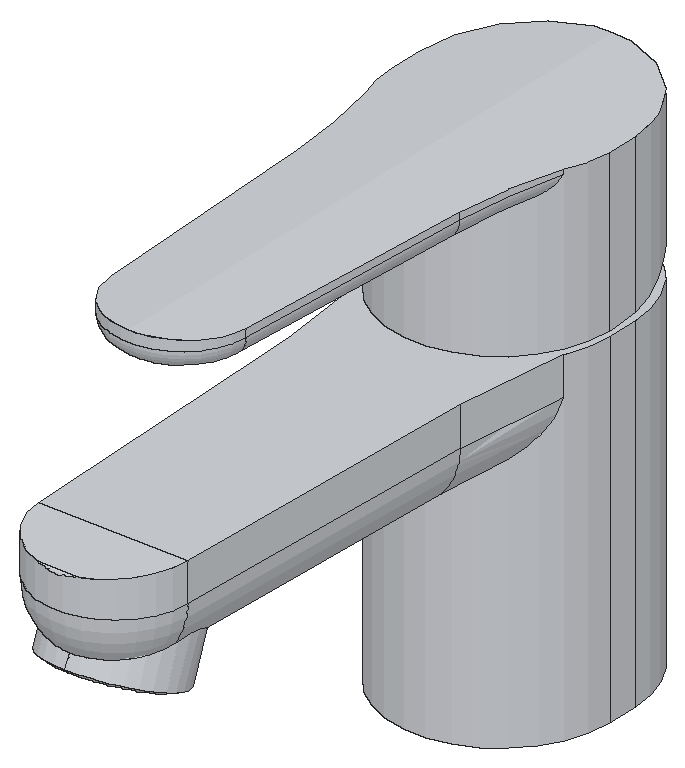
Revit family "Faucet-Lavatory-KOHLER-July-K-16027W", category Plumbing Fixtures, host Face, Revit 2017
Family settings
  Host = Face
  Round Connector Dimension = Use Diameter
  Part Type = Normal
  OmniClass Number = 23.31.11.00
  OmniClass Title = Faucets
  Cut with Voids When Loaded = No
  Shared = No
  Room Calculation Point = No
Parameters (values of type "CP-Polished Chrome")
  Width = 1 7/8"  # constant formula
  WaterSense Certified = 1 = 0  # no
  Waste Water Outlet = "Waste Water Outlet"  # constant formula
  Waste Connection = 1 = 0  # no
  Vent Connection = 1 = 0  # no
  URL = "https://www.kohler.co.uk/"
  Type = 1
  Spout Reach = 4 11/32"  # constant formula
  Product Page URL = "https://www.kohler.co.uk/taps/deck-mount/july-single-lever-monobloc-basin-mixer-includes-pop-up-waste/"
  Product Name = "July"  # constant formula
  Product Documentation Link = "https://resources.kohler.com/plumbing/kohleruk/pdf/1382253-W4-A%20July%20Single-Lever%20Monobloc%20Basin%20Mixer%20Datasheet.pdf"
  Pressure = 0.00 psi
  Model = if(Type = 1, "16027W-4-CP", if(Type = 2, "16027W-4ND-CP", "NA"))  # "16027W-4-CP"
  Material = "Premium Metal Construction"  # constant formula
  Master Format 2014 Name = "Residential Faucets, Supplies, and Trim"  # constant formula
  Master Format 2014 = "22 41 39"  # constant formula
  Manufacturer Address = "Cromwell Road, Cheltenham, Gloucestershire. GL52 5EP Registered in England No. 252115"  # constant formula
  Manufacturer = "KOHLER Co."  # constant formula
  Length = Spout Reach  # 4 11/32"
  Hot Water Inlet = "Hot Water Inlet"  # constant formula
  Height = 4.48819"  # constant formula
  Handle Clearance = 4 11/64"  # constant formula
  HW Connection = 1 = 1  # yes
  Flow Rate = 0 GPM
  Finish = Kohler-Metal-CP-Polished_Chrome
  Environmental Product Declaration = ""
  Drain Included = if(Type = 1, 1 = 1, 1 = 0)  # yes
  Description = if(Type = 1, "Single-lever monobloc basin mixer, includes pop-up waste", "Single-lever monobloc basin mixer, no pop-up waste")  # "Single-lever monobloc basin mixer, includes pop-up waste"
  Default Elevation = 36"
  Declare Label = ""
  Date Modified = "08/24/2020"  # constant formula
  Date Created = "08/24/2020"  # constant formula
  Copyright = "Copyright KOHLER Co."  # constant formula
  Contact Us = "https://www.kohler.co.uk/support/contact/"
  Cold Water Inlet = "Cold Water Inlet"  # constant formula
  CW Connection = 1 = 1  # yes
  Assembly Code = "D2010"
  ADA Compliant = 1 = 0  # no
Types (3): name | Type | Product Page URL | Pressure | Model | Drain Included | Description
  (no name) | 1 | "https://www.kohler.co.uk/taps/deck-mount/july-single-lever-monobloc-basin-mixer-includes-pop-up-waste/" | 0.00 psi | "16027W-4-CP" | yes | "Single-lever monobloc basin mixer, includes pop-up waste"
  CP-Polished Chrome | 1 | "https://www.kohler.co.uk/taps/deck-mount/july-single-lever-monobloc-basin-mixer-includes-pop-up-waste/" | 0.00 psi | "16027W-4-CP" | yes | "Single-lever monobloc basin mixer, includes pop-up waste"
  Without Drain, CP-Polished Chrome | 2 | "https://www.kohler.co.uk/taps/deck-mount/july-single-lever-monobloc-basin-mixer-no-pop-up-waste/" | 7.252 psi | "16027W-4ND-CP" | no | "Single-lever monobloc basin mixer, no pop-up waste"
Reference planes
  plane 1 "Center (Front/Back)": y = 0
  plane 2: z = 0
  plane 3 "Center (Left/Right)": x = 0
  plane 4: y = 27.384
  plane 5: y = -27.384
  plane 6: y = -110.331
  plane 7: x = 23.813
  plane 8: x = -23.812
  plane 9: z = 114
  plane 10: z = 50
  plane 11: x = 39.729
  plane 12: y = -105.966
  plane 13: y = -125.787
  plane 14: x = -12.299
  plane 15: x = 12.299
Dimensions and locks
  "Width": plane 8 to plane 7
  plane 10 to level = 1.9685"
  "Height": plane 9 to level
  "Spout Reach": plane 1 "Center (Front/Back)" to plane 6
  "Handle Clearance": plane 1 "Center (Front/Back)" to plane 12
  aligned and locked: plane 2 to host face
  aligned and locked: level to host face
Automatic sketch dimensions
  host sketch curve to host sketch curve = 96"  (x2)
Nested families
  nested 1: "16027W" at (0, 0, -25), type "16027W"
Connectors
  piping at (-12.299, 0, 0), diameter 10.021, driven by "Flow Rate", driven by "Pressure", driven by "HW Connection", driven by "Hot Water Inlet"
    settings: on nested 1, index 1, connector inside diameter 24", connector length 0", flow factor 0, pipe flow 0 GPM, pressure drop 0.00 psi, fitting loss kfactor 0, connector angle 0.00°, fixture units 0, engagement length 0", angle of deflection 0.00°, flow configuration 0, flow direction 1, fitting loss method 0, system type 19, joint type 0, gender type 0, connector reference index -1, connector utility 1, adjustable connector no, is connector primary yes, connector description "Hot Water Inlet"
  piping at (12.299, 0, 0), diameter 10.021, driven by "Flow Rate", driven by "Pressure", driven by "CW Connection", driven by "Cold Water Inlet"
    settings: on nested 1, index 2, connector inside diameter 24", connector length 0", flow factor 0, pipe flow 0 GPM, pressure drop 0.00 psi, fitting loss kfactor 0, connector angle 0.00°, fixture units 0, engagement length 0", angle of deflection 0.00°, flow configuration 0, flow direction 1, fitting loss method 0, system type 20, joint type 0, gender type 0, connector reference index -1, connector utility 1, adjustable connector no, is connector primary no, connector description "Cold Water Inlet"
Definition of nested family "16027W"
  Parameters (values of type "16027W")
    Material = none
  Reference planes
    plane 1 "Center (Front/Back)": y = 0
    plane 2: z = 0
    plane 3 "Center (Left/Right)": x = 0
    plane 4: y = -110.331
    plane 5: z = 138.906
    plane 6: x = 23.813
    plane 7: x = -23.812
    plane 8: z = 73.819
    plane 9: y = 27.384
    plane 10: y = -27.384
    plane 11: x = -12.299
    plane 12: z = 25
  Forms (mm)
    Revolve 1, solid, material <- "Material", detail levels medium+fine
      sketch origin (0, 0, 23.222) x (0, -1, 0) y (0, 0, 1)
        loop
          line (-24.939, 77.285) -> (-4.621, 77.285) -> (-4.621, 90.161) -> (-21.389, 90.161) -> (-22.393, 88.151)
          arc (-22.393, 88.151) -> (-24.028, 83.868) -> (-24.795, 79.349) r 23.355
          line (-24.795, 79.349) -> (-24.939, 77.285)
        axis (-4.621, 90.161) -> (-4.621, 77.285)
      angle from 0 to 360
    Extrusion 2, void
      sketch origin (0, -0.397, 23.123) x (0, -1, 0) y (0, 0, 1)
        loop
          line (-29.496, 90.459) -> (-29.496, 77.886) -> (28.588, 77.886) -> (28.588, 78.938) -> (2.454, 78.938)
          arc (2.454, 78.938) -> (-4.618, 79.713) -> (-11.356, 82) r 32.677
          line (-11.356, 82) -> (-29.496, 90.459)
        loop
          arc (109.603, 77.886) -> (117.194, 77.705) -> (124.767, 77.162) r 159.131
          arc (124.767, 77.162) -> (125.211, 76.94) -> (125.39, 76.477) r 0.688
          line (125.39, 76.477) -> (125.39, 73.176) -> (130.39, 73.176) -> (130.39, 83.176) -> (104.292, 83.176) -> (104.292, 77.886) -> (109.603, 77.886)
      from -33.139 to 33.857
    Extrusion 3, solid, material <- "Material", detail levels medium+fine
      sketch origin (0, 0, 0) x (0, -1, 0) y (1, 0, 0)
        loop
          line (3.521, 23.812) -> (-3.521, 23.812)
          arc (-3.521, 23.812) -> (-27.333, 0) -> (-3.521, -23.812) r 23.812
          line (-3.521, -23.812) -> (3.521, -23.812)
          arc (3.521, -23.812) -> (27.333, 0) -> (3.521, 23.812) r 23.812
      from 25 to 147.259
    Extrusion 4, solid, material <- "Material", detail levels medium+fine
      sketch origin (0, 0.794, 23.222) x (0, -1, 0) y (1, 0, 0)
        loop
          arc (37.997, 17.721) -> (23.802, 19.408) -> (9.941, 22.898) r 111.483
          arc (9.941, 22.898) -> (26.636, 0) -> (9.941, -22.898) r 24.05
          arc (9.941, -22.898) -> (23.802, -19.408) -> (37.997, -17.721) r 111.483
          line (37.997, -17.721) -> (92.775, -14.752)
          arc (92.775, -14.752) -> (106.749, 0) -> (92.775, 14.752) r 14.774
          line (92.775, 14.752) -> (37.997, 17.721)
      from 108.702 to 124.036
    Sweep 5, void
      path origin (0, 0.794, 23.222) x (0, -1, 0) y (1, 0, 0)
        loop
          arc (14.418, -21.563) -> (26.104, -19.009) -> (37.997, -17.721) r 111.483
          line (37.997, -17.721) -> (92.775, -14.752)
          arc (92.775, -14.752) -> (106.749, 0) -> (92.775, 14.752) r 14.774
          line (92.775, 14.752) -> (37.997, 17.721)
          arc (37.997, 17.721) -> (26.104, 19.009) -> (14.418, 21.563) r 111.483
      profile origin (0, -105.955, 23.222) x (0, 1, 0) y (0, 0, 1)
        loop
          arc (4.484, 108.702) -> (1.313, 110.015) -> (0, 113.186) r 4.484
          line (0, 113.186) -> (0, 114.113) -> (-1.686, 114.113) -> (-1.686, 106.545) -> (6.287, 106.545) -> (6.287, 108.702) -> (4.484, 108.702)
    Sweep 6, solid, material <- "Material", detail levels medium+fine
      path origin (0, 0, 0) x (0, -1, 0) y (1, 0, 0)
        loop
          arc (8.812, 22.547) -> (23.465, 20.002) -> (38.289, 18.809) r 162.178
          line (38.289, 18.809) -> (110, 16.339)
          arc (110, 16.339) -> (125.786, 0) -> (110, -16.339) r 16.349
          line (110, -16.339) -> (38.289, -18.809)
          arc (38.289, -18.809) -> (23.465, -20.002) -> (8.812, -22.547) r 162.178
      profile origin (0, -125.786, 0) x (0, -1, 0) y (0, 0, 1)
        loop
          arc (-15, 77.494) -> (-4.393, 81.888) -> (0, 92.494) r 15
          line (0, 92.494) -> (0, 101.009) -> (-15.89, 101.009) -> (-15.89, 77.494) -> (-15, 77.494)
    Revolve 7, solid, material <- "Material", detail levels medium+fine
      sketch origin (0, 0, 0) x (0, -1, 0) y (0, 0, 1)
        loop
          line (97.073, 69.052) -> (97.858, 69.369)
          arc (97.858, 69.369) -> (98.151, 69.07) -> (98.569, 69.067) r 0.547
          line (98.569, 69.067) -> (100.171, 69.714) -> (99.604, 71.119) -> (109.764, 75.224) -> (105.838, 84.94) -> (92.784, 79.666) -> (97.073, 69.052)
        axis (105.838, 84.94) -> (110.331, 73.819)
      angle from 0 to 360
    Extrusion 8, solid, material <- "Material", detail levels coarse
      sketch origin (0, 0, 0) x (0, -1, 0) y (1, 0, 0)
        loop
          arc (-3.521, 23.812) -> (-27.333, 0) -> (-3.521, -23.812) r 23.812
          line (-3.521, -23.812) -> (3.521, -23.812)
          arc (3.521, -23.812) -> (27.333, 0) -> (3.521, 23.812) r 23.812
          line (3.521, 23.812) -> (-3.521, 23.812)
      from 25 to 138.906
    Extrusion 9, solid, material <- "Material", detail levels coarse
      sketch origin (0, 0, 0) x (0, -1, 0) y (1, 0, 0)
        loop
          line (93.526, 14.752) -> (9.926, 19.284) -> (9.926, -19.284) -> (93.526, -14.752)
          arc (93.526, -14.752) -> (107.5, 0) -> (93.526, 14.752) r 14.774
      from 131.924 to 138.906
    Extrusion 10, solid, material <- "Material", detail levels coarse
      sketch origin (0, 0, 0) x (0, -1, 0) y (1, 0, 0)
        loop
          line (101.314, 16.339) -> (8.487, 19.536) -> (8.487, -19.536) -> (101.314, -16.339)
          arc (101.314, -16.339) -> (117.101, 0) -> (101.314, 16.339) r 16.349
      from 77.494 to 101.009
    Extrusion 11, solid, material <- "Material", detail levels medium+fine
      sketch origin (0, 0, 0) x (0, -1, 0) y (1, 0, 0)
        loop
          arc (37.742, 2.928) -> (21.466, 4.238) -> (5.377, 7.033) r 178.068
          line (5.377, 7.033) -> (5.377, -7.033)
          arc (5.377, -7.033) -> (21.466, -4.238) -> (37.742, -2.928) r 178.068
          line (37.742, -2.928) -> (109.453, -0.459)
          arc (109.453, -0.459) -> (109.896, 0) -> (109.453, 0.459) r 0.459
          line (109.453, 0.459) -> (37.742, 2.928)
      from 77.494 to 101.009
    Extrusion 12, void
      sketch origin (0, 0, 0) x (1, 0, 0) y (0, 0, 1)
        loop
          line (32.225, 157.927) -> (-32.225, 157.927) -> (-32.225, 135.739)
          arc (-32.225, 135.739) -> (0, 138.906) -> (32.225, 135.739) r 165.503
          line (32.225, 135.739) -> (32.225, 157.927)
      from -36.886 to 109.17
    Extrusion 13, solid, material <- "Material", detail levels medium+fine
      sketch origin (0, 0, 0) x (1, 0, 0) y (0, 1, 0)
        loop
          circle (-12.299, 0) r 6.35
        loop
          circle (12.299, 0) r 6.35
      from 25 to 27.957
    Extrusion 14, solid, material <- "Material", detail levels medium+fine
      sketch origin (0, 0, 0) x (1, 0, 0) y (0, 1, 0)
        loop
          circle (-12.299, 0) r 6.35
        loop
          circle (12.299, 0) r 6.35
      from 27.957 to 25
  Cuts and joins
    Extrusion 12 cuts Extrusion 8
    Extrusion 12 cuts Extrusion 9
    joined: Extrusion 8, Extrusion 9, Extrusion 10
    Extrusion 2, Extrusion 12 cuts Extrusion 3
    Sweep 5, Extrusion 12 cuts Extrusion 4
    Extrusion 2 cuts Sweep 6
    joined: Revolve 1, Extrusion 3, Extrusion 4, Sweep 6, Revolve 7, Extrusion 11
  Lines and regions (mm)
    Masking region 1
      outline origin (0, 0, 0) x (1, 0, 0) y (0, 0, 1)
        loop
          line (-23.812, 25) -> (23.813, 25) -> (23.813, 40.554) -> (23.813, 99.009)
          arc (23.813, 99.009) -> (23.227, 100.424) -> (21.813, 101.009) r 2
          line (21.813, 101.009) -> (19.465, 101.009) -> (19.465, 102.687) -> (21.813, 102.687)
          arc (21.813, 102.687) -> (23.227, 103.272) -> (23.813, 104.687) r 2
          line (23.813, 104.687) -> (23.813, 135.881)
          arc (23.813, 135.881) -> (23.443, 136.867) -> (22.517, 137.367) r 1.5
          arc (22.517, 137.367) -> (21.349, 137.524) -> (20.18, 137.671) r 165.503
          arc (20.18, 137.671) -> (19.784, 138.109) -> (19.218, 138.271) r 1.071
          line (19.218, 138.271) -> (16.709, 138.271)
          arc (16.709, 138.271) -> (16.312, 138.238) -> (15.927, 138.138) r 2.366
          arc (15.927, 138.138) -> (7.973, 138.714) -> (0, 138.906) r 165.503
          arc (0, 138.906) -> (-7.973, 138.714) -> (-15.927, 138.138) r 165.503
          arc (-15.927, 138.138) -> (-16.312, 138.238) -> (-16.709, 138.271) r 2.366
          line (-16.709, 138.271) -> (-19.218, 138.271)
          arc (-19.218, 138.271) -> (-19.784, 138.109) -> (-20.18, 137.671) r 1.071
          arc (-20.18, 137.671) -> (-21.349, 137.524) -> (-22.517, 137.367) r 165.503
          arc (-22.517, 137.367) -> (-23.443, 136.867) -> (-23.812, 135.881) r 1.5
          line (-23.812, 135.881) -> (-23.812, 104.711)
          arc (-23.812, 104.711) -> (-23.22, 103.279) -> (-21.789, 102.687) r 2.024
          line (-21.789, 102.687) -> (-19.465, 102.687) -> (-19.465, 101.009) -> (-21.812, 101.009)
          arc (-21.812, 101.009) -> (-23.227, 100.424) -> (-23.812, 99.009) r 2
          line (-23.812, 99.009) -> (-23.812, 25)
    Masking region 2
      outline origin (0, 0, 0) x (0, 1, 0) y (0, 0, 1)
        loop
          line (27.384, 25) -> (27.384, 99.503)
          arc (27.384, 99.503) -> (26.943, 100.568) -> (25.878, 101.009) r 1.506
          line (25.878, 101.009) -> (24.902, 101.009)
          arc (24.902, 101.009) -> (24.227, 106.188) -> (22.38, 111.074) r 22.589
          line (22.38, 111.074) -> (26.465, 112.979)
          arc (26.465, 112.979) -> (27.135, 113.566) -> (27.384, 114.422) r 1.592
          line (27.384, 114.422) -> (27.384, 137.37)
          arc (27.384, 137.37) -> (27.214, 137.828) -> (26.785, 138.063) r 0.7
          arc (26.785, 138.063) -> (20.933, 138.695) -> (15.051, 138.906) r 82.018
          line (15.051, 138.906) -> (-95, 138.906)
          arc (-95, 138.906) -> (-100.193, 138.704) -> (-105.355, 138.1) r 66.875
          arc (-105.355, 138.1) -> (-105.785, 137.86) -> (-105.955, 137.398) r 0.71
          line (-105.955, 137.398) -> (-105.955, 136.339)
          arc (-105.955, 136.339) -> (-105.34, 134.247) -> (-103.69, 132.821) r 3.864
          arc (-103.69, 132.821) -> (-97.393, 131.167) -> (-90.905, 131.703) r 19.276
          arc (-90.905, 131.703) -> (-90.039, 131.869) -> (-89.16, 131.924) r 6.99
          line (-89.16, 131.924) -> (-41.384, 131.924)
          arc (-41.384, 131.924) -> (-31.485, 127.824) -> (-27.384, 117.924) r 14
          line (-27.384, 117.924) -> (-27.384, 104.187)
          arc (-27.384, 104.187) -> (-26.945, 103.126) -> (-25.884, 102.687) r 1.5
          line (-25.884, 102.687) -> (-20.187, 102.687) -> (-20.187, 101.009) -> (-110, 101.009)
          arc (-110, 101.009) -> (-117.591, 100.828) -> (-125.164, 100.285) r 159.131
          arc (-125.164, 100.285) -> (-125.608, 100.063) -> (-125.786, 99.6) r 0.688
          line (-125.786, 99.6) -> (-125.786, 92.494)
          arc (-125.786, 92.494) -> (-124.985, 87.656) -> (-122.665, 83.334) r 15
          line (-122.665, 83.334) -> (-123.118, 82.212) -> (-122.391, 81.918) -> (-123.307, 79.651) -> (-122.395, 79.283)
          arc (-122.395, 79.283) -> (-122.392, 78.864) -> (-122.093, 78.571) r 0.547
          line (-122.093, 78.571) -> (-98.569, 69.067)
          arc (-98.569, 69.067) -> (-98.151, 69.07) -> (-97.858, 69.369) r 0.547
          line (-97.858, 69.369) -> (-96.946, 69) -> (-96.03, 71.267) -> (-95.303, 70.973) -> (-92.668, 77.494) -> (-41.384, 77.494)
          arc (-41.384, 77.494) -> (-31.485, 73.394) -> (-27.384, 63.494) r 14
          line (-27.384, 63.494) -> (-27.384, 25) -> (27.384, 25)
    Masking region 3
      outline origin (0, 0, 0) x (1, 0, 0) y (0, 1, 0)
        loop
          line (-23.812, 3.521) -> (-23.812, -3.521)
          arc (-23.812, -3.521) -> (-23.577, -6.86) -> (-22.876, -10.133) r 23.812
          arc (-22.876, -10.133) -> (-20.884, -18.364) -> (-19.62, -26.737) r 96.512
          arc (-19.62, -26.737) -> (-19.112, -32.506) -> (-18.809, -38.289) r 162.178
          line (-18.809, -38.289) -> (-16.339, -110)
          arc (-16.339, -110) -> (0, -125.787) -> (16.339, -110) r 16.349
          line (16.339, -110) -> (18.809, -38.289)
          arc (18.809, -38.289) -> (19.112, -32.506) -> (19.62, -26.737) r 162.178
          arc (19.62, -26.737) -> (20.884, -18.364) -> (22.876, -10.133) r 96.512
          arc (22.876, -10.133) -> (23.577, -6.86) -> (23.813, -3.521) r 23.812
          line (23.813, -3.521) -> (23.813, 3.521)
          arc (23.813, 3.521) -> (23.105, 9.29) -> (21.023, 14.716) r 23.864
          arc (21.023, 14.716) -> (12.265, 23.96) -> (0, 27.384) r 23.864
          arc (0, 27.384) -> (-16.841, 20.377) -> (-23.812, 3.521) r 23.864
    symbolic lines, detail levels medium+fine
      curve 1: spline (0, 0, 69.714) -> (-2.836, 0, 69.854) -> (-5.479, 0, 70.264) -> (-7.748, 0, 70.916) -> (-9.49, 0, 71.766) -> (-10.584, 0, 72.756) -> (-10.958, 0, 73.819) -> (-10.584, 0, 74.881) -> (-9.49, 0, 75.871) -> (-7.748, 0, 76.721) -> (-5.479, 0, 77.374) -> (-2.836, 0, 77.784) -> (0, 0, 77.924)
      curve 2: spline (0, 0, 68.707) -> (-3.882, 0, 68.898) -> (-7.5, 0, 69.459) -> (-10.607, 0, 70.352) -> (-12.99, 0, 71.516) -> (-14.489, 0, 72.871) -> (-15, 0, 74.326) -> (-14.489, 0, 75.78) -> (-12.99, 0, 77.135) -> (-10.607, 0, 78.299) -> (-7.5, 0, 79.192) -> (-3.882, 0, 79.753) -> (0, 0, 79.945)
      curve 3: spline (0, 0, 69.369) -> (-3.425, 0, 69.538) -> (-6.616, 0, 70.033) -> (-9.357, 0, 70.821) -> (-11.46, 0, 71.847) -> (-12.782, 0, 73.043) -> (-13.232, 0, 74.326) -> (-12.782, 0, 75.609) -> (-11.46, 0, 76.804) -> (-9.357, 0, 77.831) -> (-6.616, 0, 78.619) -> (-3.425, 0, 79.114) -> (0, 0, 79.283)
      curve 4: spline (0, 0, 71.119) -> (-1.274, 0, 71.147) -> (-2.532, 0, 71.23) -> (-3.754, 0, 71.368) -> (-4.926, 0, 71.557) -> (-6.031, 0, 71.797) -> (-7.054, 0, 72.083) -> (-7.981, 0, 72.411) -> (-8.8, 0, 72.778) -> (-9.5, 0, 73.178) -> (-10.071, 0, 73.606) -> (-10.505, 0, 74.056) -> (-10.796, 0, 74.521)
      curve 5: spline (0, 0, 69.714) -> (2.836, 0, 69.854) -> (5.479, 0, 70.264) -> (7.748, 0, 70.916) -> (9.49, 0, 71.766) -> (10.584, 0, 72.756) -> (10.958, 0, 73.819) -> (10.584, 0, 74.881) -> (9.49, 0, 75.871) -> (7.748, 0, 76.721) -> (5.479, 0, 77.374) -> (2.836, 0, 77.784) -> (0, 0, 77.924)
      curve 6: spline (0, 0, 68.707) -> (3.882, 0, 68.898) -> (7.5, 0, 69.459) -> (10.607, 0, 70.352) -> (12.99, 0, 71.516) -> (14.489, 0, 72.871) -> (15, 0, 74.326) -> (14.489, 0, 75.78) -> (12.99, 0, 77.135) -> (10.607, 0, 78.299) -> (7.5, 0, 79.192) -> (3.882, 0, 79.753) -> (0, 0, 79.945)
      curve 7: spline (0, 0, 69.369) -> (3.425, 0, 69.538) -> (6.616, 0, 70.033) -> (9.357, 0, 70.821) -> (11.46, 0, 71.847) -> (12.782, 0, 73.043) -> (13.232, 0, 74.326) -> (12.782, 0, 75.609) -> (11.46, 0, 76.804) -> (9.357, 0, 77.831) -> (6.616, 0, 78.619) -> (3.425, 0, 79.114) -> (0, 0, 79.283)
      curve 8: spline (0, 0, 71.119) -> (1.274, 0, 71.147) -> (2.532, 0, 71.23) -> (3.754, 0, 71.368) -> (4.926, 0, 71.557) -> (6.031, 0, 71.797) -> (7.054, 0, 72.083) -> (7.981, 0, 72.411) -> (8.8, 0, 72.778) -> (9.5, 0, 73.178) -> (10.071, 0, 73.606) -> (10.505, 0, 74.056) -> (10.796, 0, 74.521)
      curve 9: arc (-15, 0, 80.775) -> (-17.768, 0, 84.753) -> (-18.743, 0, 89.501) r 12.042
      curve 10: line (-18.743, 0, 89.501) -> (-18.743, 0, 101.009)
      curve 11: line (-19.465, 0, 101.009) -> (19.465, 0, 101.009)
      curve 12: line (-15, 0, 74.326) -> (-15, 0, 81.452)
      curve 13: spline (-15, 0, 81.452) -> (-14.872, 0, 82.185) -> (-14.489, 0, 82.906) -> (-13.858, 0, 83.602) -> (-12.99, 0, 84.261) -> (-11.9, 0, 84.872) -> (-10.607, 0, 85.425) -> (-9.131, 0, 85.91) -> (-7.5, 0, 86.318) -> (-5.74, 0, 86.643) -> (-3.882, 0, 86.879) -> (-1.958, 0, 87.023) -> (0, 0, 87.071)
      curve 14: arc (15, 0, 80.775) -> (17.768, 0, 84.753) -> (18.743, 0, 89.501) r 12.042
      curve 15: line (18.743, 0, 89.501) -> (18.743, 0, 101.009)
      curve 16: line (15, 0, 74.326) -> (15, 0, 81.452)
      curve 17: spline (15, 0, 81.452) -> (14.872, 0, 82.185) -> (14.489, 0, 82.906) -> (13.858, 0, 83.602) -> (12.99, 0, 84.261) -> (11.9, 0, 84.872) -> (10.607, 0, 85.425) -> (9.131, 0, 85.91) -> (7.5, 0, 86.318) -> (5.74, 0, 86.643) -> (3.882, 0, 86.879) -> (1.958, 0, 87.023) -> (0, 0, 87.071)
      curve 18: line (19.465, 0, 102.687) -> (-19.465, 0, 102.687)
      curve 19: line (-8.223, 0, 83.279) -> (-8.223, 0, 79.025)
      curve 20: line (8.223, 0, 83.279) -> (8.223, 0, 79.025)
      curve 21: arc (-8.223, 0, 83.279) -> (0, 0, 84.429) -> (8.223, 0, 83.279) r 29.968
      curve 22: line (0, 22.38, 111.074) -> (0, 10.959, 105.748)
      curve 23: arc (0, -2.851, 102.687) -> (0, 4.221, 103.461) -> (0, 10.959, 105.748) r 32.677
      curve 24: line (0, -2.851, 102.687) -> (0, -20.187, 102.687)
      curve 25: line (0, 24.902, 101.009) -> (0, -20.187, 101.009)
      curve 26: arc (0, -104.064, 79.272) -> (0, -98.304, 77.941) -> (0, -92.41, 77.494) r 39.085
      curve 27: line (0, 26.733, 138.156) -> (0, -105.495, 138.156)
      curve 28: arc (-14.752, -91.981, 0) -> (0, -105.955, 0) -> (14.752, -91.981, 0) r 14.774
      curve 29: line (-17.721, -37.203, 0) -> (-14.752, -91.981, 0)
      curve 30: arc (-23.512, -7.29, 0) -> (-19.59, -22.048, 0) -> (-17.721, -37.203, 0) r 111.483
      curve 31: line (17.721, -37.203, 0) -> (14.752, -91.981, 0)
      curve 32: arc (23.512, -7.29, 0) -> (19.59, -22.048, 0) -> (17.721, -37.203, 0) r 111.483
      curve 33: line (0, -97.858, 69.369) -> (0, -122.395, 79.283)
      curve 34: arc (0, -122.665, 83.334) -> (0, -113.275, 81.712) -> (0, -104.064, 79.272) r 108.604
      curve 35: line (-21.563, 0, 137.496) -> (-21.563, 0, 136.408)
      curve 36: line (-15.64, 0, 131.924) -> (15.64, 0, 131.924)
      curve 37: arc (-21.563, 0, 136.408) -> (-19.355, 0, 133.172) -> (-15.64, 0, 131.924) r 6.153
      curve 38: line (21.563, 0, 137.496) -> (21.563, 0, 136.408)
      curve 39: arc (21.563, 0, 136.408) -> (19.355, 0, 133.172) -> (15.64, 0, 131.924) r 6.153
      curve 40: arc (-20.18, 0, 137.671) -> (-18.055, 0, 137.919) -> (-15.927, 0, 138.138) r 165.503
      curve 41: arc (20.18, 0, 137.671) -> (18.055, 0, 137.919) -> (15.927, 0, 138.138) r 165.503
      curve 42: line (23.813, 0, 40.554) -> (23.813, 0, 33.748)
      curve 43: line (0, -96.03, 71.267) -> (0, -122.391, 81.918)
  Dimensions and locks
    plane 5 to level = 5 15/32"
    plane 8 to level = 2 29/32"
    plane 1 "Center (Front/Back)" to plane 4 = 4 11/32"
    plane 8 to plane 12 = 1.922"
    plane 5 to plane 12 = 4.4845"
    aligned and locked: plane 2 to level
